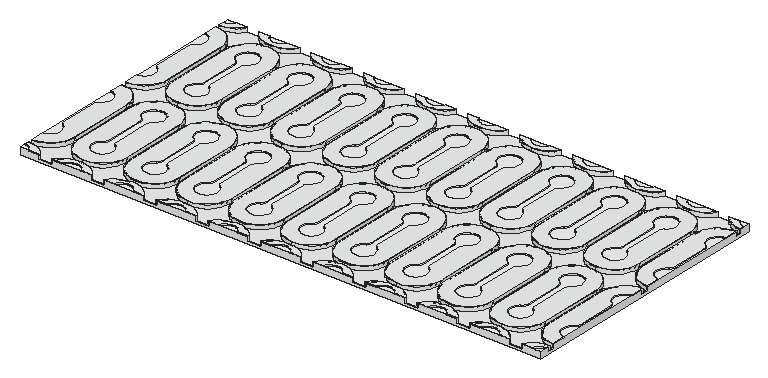
Revit family "DEVIcell™_LowCarbon_RFA", category Mechanical Equipment, Revit 2019 (continued)
Automatic sketch dimensions
  Extrusion 21 sketch curve to Extrusion 21 sketch curve = 10 mm  (x3)
  Extrusion 21 sketch curve to Extrusion 21 sketch curve = 6 mm  (x2)
  Extrusion 21 sketch curve to Extrusion 21 sketch curve = 25.377 mm
  Extrusion 21 sketch curve to Extrusion 21 sketch curve = 71.852 mm
  Extrusion 21 sketch curve to Extrusion 21 sketch curve = 4.667 mm
  Extrusion 22 sketch curve to Extrusion 22 sketch curve = 0 mm  (x6)
  Extrusion 22 sketch curve to Extrusion 22 sketch curve = 10 mm  (x3)
  Extrusion 22 sketch curve to Extrusion 22 sketch curve = 6 mm  (x2)
  Extrusion 22 sketch curve to Extrusion 22 sketch curve = 25.377 mm
  Extrusion 22 sketch curve to Extrusion 22 sketch curve = 71.852 mm
  Extrusion 22 sketch curve to Extrusion 22 sketch curve = 4.667 mm
  Extrusion 23 sketch curve to Extrusion 23 sketch curve = 0 mm  (x6)
  Extrusion 23 sketch curve to Extrusion 23 sketch curve = 10 mm  (x3)
  Extrusion 23 sketch curve to Extrusion 23 sketch curve = 6 mm  (x2)
  Extrusion 23 sketch curve to Extrusion 23 sketch curve = 25.377 mm
  Extrusion 23 sketch curve to Extrusion 23 sketch curve = 71.852 mm
  Extrusion 23 sketch curve to Extrusion 23 sketch curve = 4.667 mm
  Extrusion 24 sketch curve to Extrusion 24 sketch curve = 0 mm  (x6)
  Extrusion 24 sketch curve to Extrusion 24 sketch curve = 10 mm  (x3)
  Extrusion 24 sketch curve to Extrusion 24 sketch curve = 6 mm  (x2)
  Extrusion 24 sketch curve to Extrusion 24 sketch curve = 25.377 mm
  Extrusion 24 sketch curve to Extrusion 24 sketch curve = 71.852 mm
  Extrusion 24 sketch curve to Extrusion 24 sketch curve = 4.667 mm
  Extrusion 25 sketch curve to Extrusion 25 sketch curve = 0 mm  (x6)
  Extrusion 25 sketch curve to Extrusion 25 sketch curve = 10 mm  (x3)
  Extrusion 25 sketch curve to Extrusion 25 sketch curve = 6 mm  (x2)
  Extrusion 25 sketch curve to Extrusion 25 sketch curve = 25.377 mm
  Extrusion 25 sketch curve to Extrusion 25 sketch curve = 71.852 mm
  Extrusion 25 sketch curve to Extrusion 25 sketch curve = 4.667 mm
  Extrusion 26 sketch curve to Extrusion 26 sketch curve = 0 mm  (x6)
  Extrusion 26 sketch curve to Extrusion 26 sketch curve = 10 mm  (x3)
  Extrusion 26 sketch curve to Extrusion 26 sketch curve = 6 mm  (x2)
  Extrusion 26 sketch curve to Extrusion 26 sketch curve = 25.377 mm
  Extrusion 26 sketch curve to Extrusion 26 sketch curve = 71.852 mm
  Extrusion 26 sketch curve to Extrusion 26 sketch curve = 4.667 mm
  Extrusion 2 sketch curve to Extrusion 2 sketch curve = 0 mm  (x117)
  Extrusion 2 sketch curve to plane 3 "Center (Left/Right)" = 0 mm  (x6)
  Extrusion 2 sketch curve to plane 3 "Center (Left/Right)" = 46.19 mm  (x2)
  Extrusion 2 sketch curve to Extrusion 2 sketch curve = 46.19 mm  (x2)
  Extrusion 2 sketch curve to Extrusion 2 sketch curve = 7.006 mm  (x3)
  Extrusion 2 sketch curve to Extrusion 2 sketch curve = 46.5 mm  (x32)
  plane 8 to Extrusion 2 sketch curve = 25.803 mm  (x8)
  Extrusion 2 sketch curve to plane 7 = 25.803 mm  (x8)
  Extrusion 2 sketch curve to Extrusion 2 sketch curve = 7 mm  (x36)
  Extrusion 2 sketch curve to plane 5 = 1.696 mm  (x6)
  Extrusion 2 sketch curve to Extrusion 2 sketch curve = 48.281 mm  (x3)
  plane 1 "Center (Front/Back)" to Extrusion 2 sketch curve = 4.697 mm
  plane 3 "Center (Left/Right)" to Extrusion 2 sketch curve = 46.761 mm  (x3)
  Extrusion 2 sketch curve to Extrusion 2 sketch curve = 46.761 mm
  Extrusion 2 sketch curve to Extrusion 2 sketch curve = 6.871 mm  (x3)
  plane 6 to Extrusion 2 sketch curve = 2.132 mm  (x6)
  Extrusion 2 sketch curve to Extrusion 2 sketch curve = 31.892 mm  (x3)
  Extrusion 2 sketch curve to plane 1 "Center (Front/Back)" = 4.697 mm  (x2)
  Extrusion 2 sketch curve to Extrusion 2 sketch curve = 0.304 mm  (x4)
  Extrusion 2 sketch curve to Extrusion 2 sketch curve = 37.796 mm  (x19)
  Extrusion 2 sketch curve to Extrusion 2 sketch curve = 0.571 mm  (x3)
  Extrusion 2 sketch curve to Extrusion 2 sketch curve = 53.276 mm
  Extrusion 2 sketch curve to Extrusion 2 sketch curve = 53.5 mm  (x5)
  plane 1 "Center (Front/Back)" to Extrusion 2 sketch curve = 51.501 mm
  plane 1 "Center (Front/Back)" to Extrusion 2 sketch curve = 51.197 mm  (x6)
  Extrusion 2 sketch curve to Extrusion 2 sketch curve = 0.267 mm  (x2)
  Extrusion 2 sketch curve to plane 1 "Center (Front/Back)" = 50.93 mm
  Extrusion 2 sketch curve to plane 1 "Center (Front/Back)" = 51.197 mm  (x2)
  plane 7 to Extrusion 2 sketch curve = 74.501 mm
  plane 7 to Extrusion 2 sketch curve = 74.197 mm
  Extrusion 2 sketch curve to plane 7 = 25.536 mm
  Extrusion 2 sketch curve to Extrusion 2 sketch curve = 37.492 mm
  Extrusion 3 sketch curve to Extrusion 3 sketch curve = 0 mm  (x113)
  Extrusion 3 sketch curve to plane 5 = 0 mm  (x3)
  plane 8 to Extrusion 3 sketch curve = 0 mm  (x11)
  plane 7 to Extrusion 3 sketch curve = 0 mm  (x10)
  Extrusion 3 sketch curve to plane 3 "Center (Left/Right)" = 0 mm  (x6)
  Extrusion 3 sketch curve to plane 6 = 0 mm  (x3)
  Extrusion 3 sketch curve to plane 5 = 1.696 mm  (x6)
  plane 5 to Extrusion 3 sketch curve = 36.023 mm  (x2)
  plane 5 to Extrusion 3 sketch curve = 44.004 mm  (x2)
  Extrusion 3 sketch curve to Extrusion 3 sketch curve = 8.6 mm  (x16)
  Extrusion 3 sketch curve to Extrusion 3 sketch curve = 24.563 mm  (x16)
  Extrusion 3 sketch curve to Extrusion 3 sketch curve = 37.719 mm  (x16)
  Extrusion 3 sketch curve to Extrusion 3 sketch curve = 45.7 mm  (x16)
  Extrusion 3 sketch curve to Extrusion 3 sketch curve = 8.606 mm  (x2)
  Extrusion 3 sketch curve to Extrusion 3 sketch curve = 24.452 mm  (x2)
  plane 3 "Center (Left/Right)" to Extrusion 3 sketch curve = 37.826 mm  (x2)
  plane 3 "Center (Left/Right)" to Extrusion 3 sketch curve = 45.961 mm  (x2)
  Extrusion 3 sketch curve to Extrusion 3 sketch curve = 8.471 mm  (x2)
  Extrusion 3 sketch curve to Extrusion 3 sketch curve = 24.587 mm  (x2)
  plane 6 to Extrusion 3 sketch curve = 2.132 mm  (x6)
  plane 8 to Extrusion 3 sketch curve = 25.536 mm
  plane 8 to Extrusion 3 sketch curve = 25.803 mm  (x10)
  Extrusion 3 sketch curve to Extrusion 3 sketch curve = 0.571 mm  (x2)
  Extrusion 3 sketch curve to Extrusion 3 sketch curve = 8.663 mm  (x2)
  Extrusion 3 sketch curve to Extrusion 3 sketch curve = 8.7 mm  (x2)
  Extrusion 3 sketch curve to Extrusion 3 sketch curve = 54.076 mm
  Extrusion 3 sketch curve to Extrusion 3 sketch curve = 54.3 mm  (x2)
  Extrusion 3 sketch curve to Extrusion 3 sketch curve = 0.304 mm  (x4)
  plane 1 "Center (Front/Back)" to Extrusion 3 sketch curve = 51.501 mm
  plane 1 "Center (Front/Back)" to Extrusion 3 sketch curve = 51.197 mm  (x6)
  Extrusion 3 sketch curve to Extrusion 3 sketch curve = 0.267 mm  (x2)
  Extrusion 3 sketch curve to plane 1 "Center (Front/Back)" = 5.528 mm
  Extrusion 3 sketch curve to plane 1 "Center (Front/Back)" = 5.547 mm
  Extrusion 3 sketch curve to plane 1 "Center (Front/Back)" = 50.93 mm
  Extrusion 3 sketch curve to plane 1 "Center (Front/Back)" = 51.197 mm  (x6)
  plane 7 to Extrusion 3 sketch curve = 74.501 mm
  plane 7 to Extrusion 3 sketch curve = 74.197 mm  (x3)
  Extrusion 3 sketch curve to plane 7 = 25.536 mm
  Extrusion 3 sketch curve to plane 7 = 25.803 mm  (x8)
  Extrusion 27 sketch curve to plane 5 = 1.696 mm
  Extrusion 27 sketch curve to plane 7 = 8.303 mm  (x11)
  plane 5 to Extrusion 27 sketch curve = 98.304 mm
  Extrusion 27 sketch curve to Extrusion 27 sketch curve = 100 mm  (x5)
  Extrusion 27 sketch curve to plane 3 "Center (Left/Right)" = 99.696 mm
  plane 3 "Center (Left/Right)" to Extrusion 27 sketch curve = 0.132 mm
  Extrusion 27 sketch curve to plane 6 = 97.868 mm
  plane 6 to Extrusion 27 sketch curve = 2.132 mm
  plane 5 to Extrusion 28 sketch curve = 1.696 mm
  Extrusion 28 sketch curve to plane 8 = 8.303 mm  (x11)
  Extrusion 28 sketch curve to plane 5 = 98.304 mm
  Extrusion 28 sketch curve to Extrusion 28 sketch curve = 100 mm  (x5)
  plane 3 "Center (Left/Right)" to Extrusion 28 sketch curve = 99.696 mm
  Extrusion 28 sketch curve to plane 3 "Center (Left/Right)" = 0.132 mm
  plane 6 to Extrusion 28 sketch curve = 97.868 mm
  Extrusion 28 sketch curve to plane 6 = 2.132 mm
  radius of Extrusion 27 sketch curve = 20 mm  (x11)
  radius of Extrusion 28 sketch curve = 20 mm  (x11)
